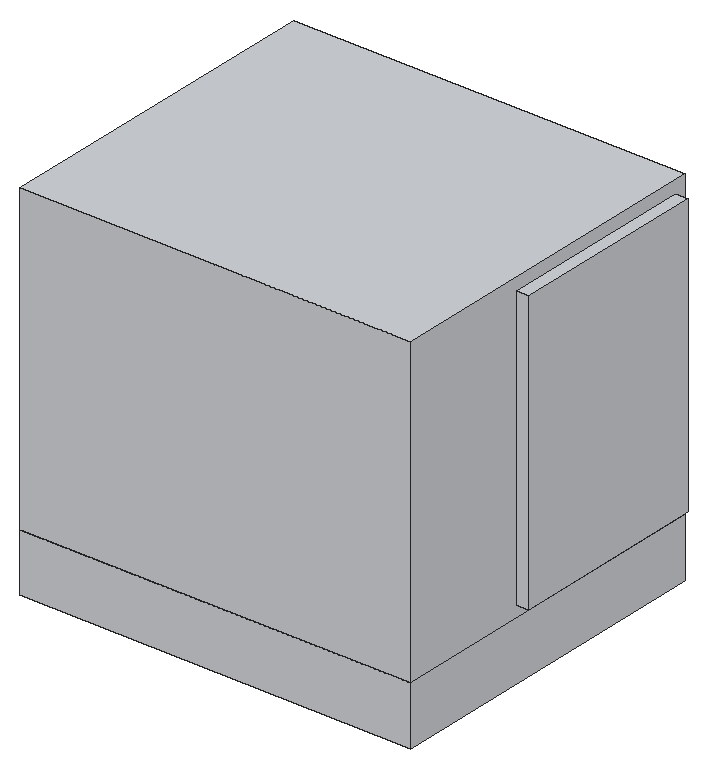
Revit family "Filtro AHU - Saco - HDT", category Equipamento mecânico, Revit 2019
Family settings
  Cota do conector redondo = Utilizar diâmetro
  Tipo de parte = Normal
  ID de item do Seek = AHU Filter - Cartridge-0000-CAN-ENU
  Com base no plano de trabalho = Não
  Sempre na vertical = Sim
  Corte com vazios quando carregada = Não
  Compartilhado = Não
  Ponto de cálculo do ambiente = Não
Parameters (values of type "Padrão")
  Material base = none
  Queda de pressão do ar [instance] = 125.0 Pa
  Largura do filtro = 700 mm
  Material do filtro = none
  Comprimento do filtro = 800 mm
  Altura do filtro = 745 mm
  Largura do duto = 800 mm
  Altura do duto = 625 mm
  Altura base = 120 mm
  Velocidade do ar [instance] = 2.54 m/s
  Fluxo de ar [instance] = Velocidade do ar * Altura do duto * Largura do duto  # 1270.0 L/s
Reference planes
  plane 1 "Parte frontal": y = 0
  plane 2: z = 0
  plane 3 "Centro (direita/esquerda)": x = 0
  plane 4: x = -400
  plane 5: x = 400
  plane 6 "Parte posterior": y = 700
  plane 7 "Superior": z = 745
  plane 8: y = 674.6
  plane 9: z = 719.6
  plane 10: z = 25.4
  plane 11: y = 268.2
  plane 12 "Direita": x = 425.4
  plane 13 "Esquerda": x = -425.4
  plane 14: x = -400
  plane 15: x = 400
  plane 16 "Inferior": z = 0
  plane 17 "Base": z = 120
  plane 18: z = 145
  plane 19 "Centro (Frente/Trás)": y = 350
Forms (mm)
  Extrusion 1, solid, material <- "Material do filtro", detail levels medium+fine
    sketch origin (0, 0, 0) x (1, 0, 0) y (0, 1, 0)
      loop
        line (-400, 700) -> (-400, 0) -> (400, 0) -> (400, 700) -> (-400, 700)
    from 120 to 745
  Extrusion 2, solid, material <- "Material do filtro", detail levels medium+fine
    sketch origin (0, 0, 0) x (0, 1, 0) y (0, 0, 1)
      loop
        line (268.2, 719.6) -> (268.2, 145) -> (674.6, 145) -> (674.6, 719.6) -> (268.2, 719.6)
    from 400 to 425.4
  Extrusion 3, solid, material <- "Material do filtro", detail levels medium+fine
    sketch origin (0, 0, 0) x (0, 1, 0) y (0, 0, 1)
      loop
        line (674.6, 719.6) -> (268.2, 719.6) -> (268.2, 145) -> (674.6, 145) -> (674.6, 719.6)
    from -425.4 to -400
  Extrusion 4, solid, material <- "Material do filtro", detail levels coarse
    sketch origin (0, 0, 0) x (1, 0, 0) y (0, 1, 0)
      loop
        line (-425.4, 700) -> (-425.4, 0) -> (425.4, 0) -> (425.4, 700) -> (-425.4, 700)
    from 120 to 745
  Extrusion 5, solid, material <- "Material base"
    sketch origin (0, 0, -400) x (1, 0, 0) y (0, 1, 0)
      loop
        line (-400, 700) -> (-400, 0) -> (400, 0) -> (400, 700) -> (-400, 700)
    from 400 to 520
Cuts and joins
  joined: Extrusion 1, Extrusion 2, Extrusion 3
Dimensions and locks
  "Largura do filtro": plane 6 "Parte posterior" to plane 1 "Parte frontal"
  "Altura do filtro": plane 7 "Superior" to plane 2
  locked: plane 8 to plane 6 "Parte posterior" at 25.4
  locked: plane 7 "Superior" to plane 9 at 25.4
  locked: plane 10 to plane 2 at 25.4
  locked: plane 11 to plane 8 at 406.4
  locked: plane 5 to plane 12 "Direita" at 25.4
  locked: plane 13 "Esquerda" to plane 4 at 25.4
  equal spacing: plane 15, plane 3 "Centro (direita/esquerda)", plane 14
  "Largura do duto": plane 15 to plane 14
  "Altura base": plane 17 "Base" to plane 16 "Inferior"
  locked: plane 18 to plane 17 "Base" at 25
  equal spacing: plane 12 "Direita", plane 3 "Centro (direita/esquerda)", plane 13 "Esquerda"
  "Comprimento do filtro": plane 5 to plane 4
  equal spacing: plane 6 "Parte posterior", plane 19 "Centro (Frente/Trás)", plane 1 "Parte frontal"
  aligned and locked: plane 7 "Superior" to Extrusion 1
  aligned and locked: plane 1 "Parte frontal" to Extrusion 1
  aligned and locked: plane 6 "Parte posterior" to Extrusion 1
  aligned and locked: plane 12 "Direita" to Extrusion 2
  aligned and locked: plane 8 to Extrusion 2
  aligned and locked: Extrusion 2 to plane 5
  aligned and locked: Extrusion 2 to plane 11
  aligned and locked: Extrusion 3 to plane 13 "Esquerda"
  aligned and locked: plane 8 to Extrusion 3
  aligned and locked: plane 4 to Extrusion 3
  aligned and locked: Extrusion 3 to plane 11
  aligned and locked: Extrusion 4 to plane 13 "Esquerda"  (x2)
  aligned and locked: plane 6 "Parte posterior" to Extrusion 4
  aligned and locked: plane 12 "Direita" to Extrusion 4
  aligned and locked: plane 1 "Parte frontal" to Extrusion 4
  aligned and locked: plane 6 "Parte posterior" to cut or joined group of Extrusion 1, Extrusion 2, Extrusion 3
  aligned and locked: plane 1 "Parte frontal" to cut or joined group of Extrusion 1, Extrusion 2, Extrusion 3
  aligned and locked: plane 7 "Superior" to Extrusion 4
  aligned and locked: Extrusion 2 to Extrusion 3
  aligned and locked: Extrusion 4 to plane 17 "Base"
  aligned and locked: plane 17 "Base" to Extrusion 5
  aligned and locked: Extrusion 5 to plane 2
  aligned and locked: cut or joined group of Extrusion 1, Extrusion 2, Extrusion 3 to plane 17 "Base"
Automatic sketch dimensions
  Extrusion 1 sketch curve to plane 4 = 0 mm
  plane 1 "Parte frontal" to Extrusion 1 sketch curve = 0 mm
  Extrusion 1 sketch curve to plane 5 = 0 mm
  Extrusion 1 sketch curve to plane 6 "Parte posterior" = 0 mm
  Extrusion 2 sketch curve to plane 9 = 0 mm
  Extrusion 2 sketch curve to plane 11 = 0 mm
  Extrusion 2 sketch curve to plane 8 = 0 mm
  Extrusion 2 sketch curve to plane 18 = 0 mm
  Extrusion 3 sketch curve to plane 9 = 0 mm
  Extrusion 3 sketch curve to plane 11 = 0 mm
  Extrusion 3 sketch curve to plane 8 = 0 mm
  Extrusion 3 sketch curve to plane 18 = 0 mm
  Extrusion 4 sketch curve to plane 6 "Parte posterior" = 0 mm
  Extrusion 4 sketch curve to plane 13 "Esquerda" = 0 mm
  plane 1 "Parte frontal" to Extrusion 4 sketch curve = 0 mm
  Extrusion 4 sketch curve to plane 12 "Direita" = 0 mm
  Extrusion 5 sketch curve to plane 4 = 0 mm
  plane 1 "Parte frontal" to Extrusion 5 sketch curve = 0 mm
  Extrusion 5 sketch curve to plane 5 = 0 mm
  Extrusion 5 sketch curve to plane 6 "Parte posterior" = 0 mm
Connectors
  hvac at (0, 0, 432.5), driven by "Fluxo de ar", driven by "Altura do duto", driven by "Largura do duto"
    settings: on cut or joined group of Extrusion 1, Extrusion 2, Extrusion 3, index 1, duct flow 1270.0 L/s, flow factor 0, pres drop 0.0 Pa, loss coef 0, conn angle 0.00°, conn width 800 mm, conn height 625 mm, conn diameter 609.6 mm, duct sys type 1, conn prof type 1, flow config 0, flow direction 0, loss method 0, conn ref index 2, conn util no, is conn primary yes, conn desc ""
  hvac at (0, 700, 432.5), driven by "Fluxo de ar", driven by "Altura do duto", driven by "Largura do duto", driven by "Queda de pressão do ar"
    settings: on cut or joined group of Extrusion 1, Extrusion 2, Extrusion 3, index 2, duct flow 1270.0 L/s, flow factor 0, pres drop 125.0 Pa, loss coef 0, conn angle 0.00°, conn width 800 mm, conn height 625 mm, conn diameter 609.6 mm, duct sys type 1, conn prof type 1, flow config 0, flow direction 0, loss method 4, conn ref index 1, conn util no, is conn primary no, conn desc ""
Types in the file's own list only (18): name | Comprimento do filtro | Altura do filtro | Largura do duto | Altura do duto
  Para 0.24 metros quadrados de serpentina | 800 mm | 745 mm | 800 mm | 625 mm
  Para 0.31 metros quadrados de serpentina | 975 mm | 745 mm | 975 mm | 625 mm
  Para 0.47 metros quadrados de serpentina | 1325 mm | 745 mm | 1325 mm | 625 mm
  Para 0.67 metros quadrados de serpentina | 1325 mm | 920 mm | 1325 mm | 800 mm
  Para 0.78 metros quadrados de serpentina | 1500 mm | 920 mm | 1500 mm | 800 mm
  Para 0.98 metros quadrados de serpentina | 1500 mm | 1095 mm | 1500 mm | 975 mm
  Para 1.13 metros quadrados de serpentina | 1675 mm | 1095 mm | 1675 mm | 975 mm
  Para 1.57 metros quadrados de serpentina | 1850 mm | 1270 mm | 1850 mm | 1150 mm
  Para 1.88 metros quadrados de serpentina | 1675 mm | 1620 mm | 1675 mm | 1500 mm
  Para 2.12 metros quadrados de serpentina | 1850 mm | 1620 mm | 1850 mm | 1500 mm
  Para 2.44 metros quadrados de serpentina | 2025 mm | 1795 mm | 2025 mm | 1675 mm
  Para 2.88 metros quadrados de serpentina | 2025 mm | 1970 mm | 2025 mm | 1850 mm
  Para 3.17 metros quadrados de serpentina | 2200 mm | 1970 mm | 2200 mm | 1850 mm
  Para 3.46 metros quadrados de serpentina | 2375 mm | 1970 mm | 2375 mm | 1850 mm
  Para 3.86 metros quadrados de serpentina | 2375 mm | 2145 mm | 2375 mm | 2025 mm
  Para 4.19 metros quadrados de serpentina | 2375 mm | 2320 mm | 2375 mm | 2200 mm
  Para 5.25 metros quadrados de serpentina | 2900 mm | 2320 mm | 2900 mm | 2200 mm
  Para 6.16 metros quadrados de serpentina | 2900 mm | 2670 mm | 2900 mm | 2550 mm
